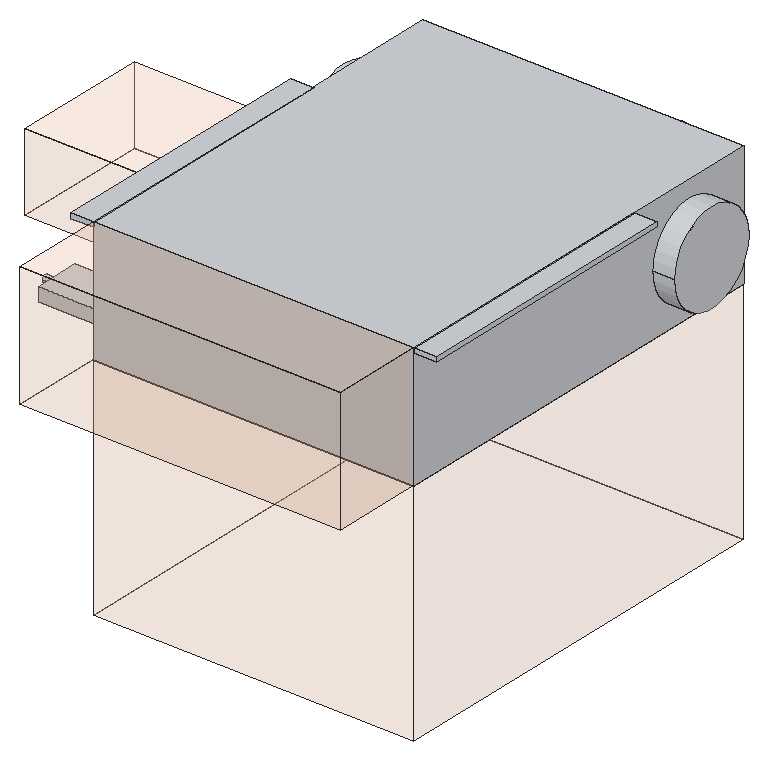
Revit family "Arup_UnitaryEquipment_FanCoilUnit2PipeCoolingHorizontalCeiling4Spigot", category Mechanical Equipment, Revit 2019
Family settings
  Round Connector Dimension = Use Diameter
  Part Type = Normal
  Work Plane-Based = No
  Always vertical = Yes
  Cut with Voids When Loaded = No
  Shared = No
  Room Calculation Point = Yes
Parameters (values of type "Generic")
  Water_Temperature_Leaving_Cooling = -273.15 °C
  Water_Temperature_Entering_Cooling = -273.15 °C
  Water_Pressure_Test_Cooling = 0.0 Pa
  Water_Pressure_Cooling_Maximum = 0.0 Pa
  Water_Pressure Drop_Cooling = 0.0 Pa
  Water_Flow Rate_Cooling [instance] = 0.0 L/s
  Water_Contents_Cooling = 0.0 L
  System_Function_Primary = "Ventilation"
  System_Function_Heating = no
  System_Function_Cooling = yes
  System_Connection_Ventilation = yes
  System_Connection_Process = no
  System_Connection_Power = yes
  System_Connection_Drainage = yes
  System_Connection_Domestic Water = no
  System_Connection_Data = no
  Performance_Speed = 0
  Performance_Efficiency = 0.00%
  Performance_Capacity_Cooling_Sensible = 0 W
  Performance_Capacity_Cooling = 0 W
  Performance_COP = 0
  Performance_Access_Left_Required = yes
  Performance_Access_Bottom_Required = yes
  Performance_Access_Back_Required = yes
  Model = ""
  Manufacturer = ""
  Identity_Type Mark = ""
  Identity_Reference [instance] = ""
  Identity_Level [instance] = ""
  Identity_ID_Equipment Served By [instance] = ""
  Identity_Copyright = "Arup"  # constant formula
  Identity_Classification_Uniclass 2015_Ss_Version [instance] = "26 April 2017 - v1.6"
  Identity_Classification_Uniclass 2015_Ss_Title [instance] = "Fan coil unit air conditioning systems"
  Identity_Classification_Uniclass 2015_Ss_Code [instance] = " Ss_65_80_05_30"
  Identity_Classification_Uniclass 2015_Ss [instance] = " Ss_65_80_05_30 : Fan coil unit air conditioning systems"
  Identity_Classification_Uniclass 2015_Pr_Version = "26 April 2017 - v1.6"
  Identity_Classification_Uniclass 2015_Pr_Title = "Fan coil units"
  Identity_Classification_Uniclass 2015_Pr_Code = "Pr_70_65_03_29"
  Identity_Classification_Uniclass 2015_Pr = "Pr_70_65_03_29 : Fan coil units"
  Identity_Classification_Uniclass 2015_Ef_Version = "25 January 2017 - v1.2"
  Identity_Classification_Uniclass 2015_Ef_Title = "Ventilation and air conditioning functions"
  Identity_Classification_Uniclass 2015_Ef_Code = "EF_65"
  Identity_Classification_Uniclass 2015_Ef = "EF_65 : Ventilation and air conditioning functions"
  Identity_Classification_Uniclass 1.4_L_Title = "Climate control plant and equipment (HVAC)"
  Identity_Classification_Uniclass 1.4_L_Code = "L75"
  Identity_Classification_Uniclass 1.4_L = "L75 : Climate control plant and equipment (HVAC)"
  Identity_Classification_SFG20_Title = ""
  Identity_Classification_SFG20_Code = ""
  Identity_Classification_SFG20 = ""
  Identity_Classification_NRM3_Title [instance] = ""
  Identity_Classification_NRM3_Code [instance] = ""
  Identity_Classification_NRM3 [instance] = ""
  Identity_Classification_NRM1_Title [instance] = ""
  Identity_Classification_NRM1_Code [instance] = ""
  Identity_Classification_NRM1 [instance] = ""
  Identity_Category = "FCU"
  IFCExportType = "AIRCONDITIONINGUNIT"
  IFCExportAs = "IfcUnitaryEquipmentType"
  General_Mass = 0.00 kg
  General_Location [instance] = ""
  Family_Modified_Date = "15/3/2018"
  Electrical_Voltage = 400 V
  Electrical_Specific Fan Power = 0
  Electrical_Power_Selection Method_Chosen = if(Electrical_Power_Selection Method = 1, "Full Load Power", if(Electrical_Power_Selection Method = 2, "Running Power", if(Electrical_Power_Selection Method = 3, "Rule of Thumb Power", "INVALID")))  # "INVALID"
  Electrical_Power_Selection Method = 0
  Electrical_Power_Running = 0 W
  Electrical_Power_Rule of Thumb = 0 W
  Electrical_Power_Rating = 0 W
  Electrical_Power_Load Classification = HVAC
  Electrical_Power_Full Load = 0 W
  Electrical_Power_Apparent = if(Electrical_Power = 9999999 VA, 9999999 VA, Electrical_Power / Electrical_Power Factor)  # 1052631577.9 VA
  Electrical_Power_Absorbed = 0 W
  Electrical_Power Factor = 0.95
  Electrical_Power = if(Electrical_Power_Selection Method = 1, Electrical_Power_Full Load, if(Electrical_Power_Selection Method = 2, Electrical_Power_Running, if(Electrical_Power_Selection Method = 3, Electrical_Power_Rule of Thumb, 999999999 W)))  # 999999999 W
  Electrical_Phases_Quantity = 0
  Electrical_Number of Poles = 3
  Electrical_Frequency = 50 Hz
  Electrical_Current_Selection Method_Chosen = if(Electrical_Current_Selection Method = 1, "Starting Current", if(Electrical_Current_Selection Method = 2, "Running Current", if(Electrical_Current_Selection Method = 3, "Current calculated from chosen power", "INVALID")))  # "INVALID"
  Electrical_Current_Selection Method = 0
  Electrical_Current_Rated_Starting = 0 A
  Electrical_Current_Rated_Running = 0 A
  Electrical_Current_Calculated = if(Electrical_Power = 999999999 W, 999999999 A, if(Electrical_Voltage = 230 V, Electrical_Power / (Electrical_Voltage * Electrical_Power Factor), if(Electrical_Voltage = 400 V, Electrical_Power / (Electrical_Voltage * Electrical_Power Factor * sqrt(3)), 999999999 A)))  # 999999999 A
  Electrical_Current = if(Electrical_Current_Selection Method = 1, Electrical_Current_Rated_Starting, if(Electrical_Current_Selection Method = 2, Electrical_Current_Rated_Running, if(Electrical_Current_Selection Method = 3, Electrical_Current_Calculated, 999999999 A)))  # 999999999 A
  Dimensions_Width_Nominal [instance] = 900 mm
  Dimensions_Width = 900 mm
  Dimensions_Length_Nominal [instance] = 700 mm
  Dimensions_Length_Fresh Air Offset_Height [instance] = Dimensions_Height / 2  # 135 mm
  Dimensions_Length_Fresh Air Offset_Length [instance] = Dimensions_Length / 2  # 350 mm
  Dimensions_Length = 700 mm
  Dimensions_Height_Nominal [instance] = 270 mm
  Dimensions_Height_Controller = Dimensions_Height - 100 mm  # 170 mm
  Dimensions_Height_Bottom = -Dimensions_Height / 2  # -135 mm
  Dimensions_Height = 270 mm
  Dimensions_Length_Fresh Air Offset_Depth [instance] = 200 mm
  Dimensions_Height_Controller_Bottom = Dimensions_Height_Bottom + 50 mm  # -85 mm
  Dimensions_Connection_Diameter_Pipe_Leaving_Cooling = 22 mm
  Dimensions_Connection_Diameter_Pipe_Entering_Cooling = 22 mm
  Dimensions_Connection_Diameter_Pipe_Discharge = 15 mm
  Dimensions_Connection_Diameter_Duct_Spigot = 200 mm
  Dimensions_Connection_Diameter_Duct [instance] = 200 mm
  Dimensions_Access_Length_Left = 250 mm
  Dimensions_Access_Height_Bottom = 500 mm
  Dimension_Length_Spacing_Spigot = Dimensions_Length / 5  # 140 mm
  Description = "Fan Coil Unit"
  Component_Fan_Type = ""
  Component_Connection_Discharge_Fan_Location = ""
  ClassificationCode(9) [instance] = ""
  ClassificationCode(8) [instance] = ""
  ClassificationCode(7) [instance] = ""
  ClassificationCode(6) [instance] = "[Uniclass 2015 Systems] Ss_65_80_05_30:Fan coil unit air conditioning systems"
  ClassificationCode(5) = ""
  ClassificationCode(4) = ""
  ClassificationCode(3) = "[Uniclass 1.4 Table L]L75:Climate control plant and equipment (HVAC)"
  ClassificationCode(2) = "[Uniclass 2015 Elements/Functions]EF_65:Ventilation and air conditioning functions"
  ClassificationCode(10) [instance] = ""
  ClassificationCode = "[Uniclass 2015 Products]Pr_70_65_03_29:Fan coil units"
  Automation_Tool Compatibility_SLAMheating = no
  Automation_Tool Compatibility_AMPS = yes
  Air_Temperature Wet Bulb_Leaving_Cooling = -273.15 °C
  Air_Temperature Wet Bulb_Entering_Cooling = -273.15 °C
  Air_Temperature Dry Bulb_Leaving_Cooling = -273.15 °C
  Air_Temperature Dry Bulb_Entering_Cooling = -273.15 °C
  Air_Pressure_External Static [instance] = 0.0 Pa
  Air_Flow Rate_Total [instance] = Air_Flow Rate_Spigot 1 + Air_Flow Rate_Spigot 2 + Air_Flow Rate_Spigot 3 + Air_Flow Rate_Spigot 4  # 0.0 L/s
  Air_Flow Rate_Spigot 4 [instance] = 0.0 L/s
  Air_Flow Rate_Spigot 3 [instance] = 0.0 L/s
  Air_Flow Rate_Spigot 2 [instance] = 0.0 L/s
  Air_Flow Rate_Spigot 1 [instance] = 0.0 L/s
  Air_Flow Rate_Recirculated_Percentage [instance] = if(Air_Flow Rate_Total = 0.0 L/s, 0, (Air_Flow Rate_Recirculated / Air_Flow Rate_Total))  # 0.00%
  Air_Flow Rate_Recirculated [instance] = Air_Flow Rate_Total - Air_Flow Rate_Fresh  # 0.0 L/s
  Air_Flow Rate_Fresh [instance] = 0.0 L/s
  Acoustics_SWL_Regenerated_@Face Velocity_8000 Hz = 0
  Acoustics_SWL_Regenerated_@Face Velocity_63 Hz = 0
  Acoustics_SWL_Regenerated_@Face Velocity_500 Hz = 0
  Acoustics_SWL_Regenerated_@Face Velocity_4000 Hz = 0
  Acoustics_SWL_Regenerated_@Face Velocity_250 Hz = 0
  Acoustics_SWL_Regenerated_@Face Velocity_2000 Hz = 0
  Acoustics_SWL_Regenerated_@Face Velocity_125 Hz = 0
  Acoustics_SWL_Regenerated_@Face Velocity_1000 Hz = 0
  Acoustics_SWL_Radiated_Maximum_8000 Hz = 0
  Acoustics_SWL_Radiated_Maximum_63 Hz = 0
  Acoustics_SWL_Radiated_Maximum_500 Hz = 0
  Acoustics_SWL_Radiated_Maximum_4000 Hz = 0
  Acoustics_SWL_Radiated_Maximum_250 Hz = 0
  Acoustics_SWL_Radiated_Maximum_2000 Hz = 0
  Acoustics_SWL_Radiated_Maximum_125 Hz = 0
  Acoustics_SWL_Radiated_Maximum_1000 Hz = 0
  Acoustics_SPL_Radiated_Reference Distance = 0 mm
  Acoustics_SPL_Radiated_Maximum_8000 Hz = 0
  Acoustics_SPL_Radiated_Maximum_63 Hz = 0
  Acoustics_SPL_Radiated_Maximum_500 Hz = 0
  Acoustics_SPL_Radiated_Maximum_4000 Hz = 0
  Acoustics_SPL_Radiated_Maximum_250 Hz = 0
  Acoustics_SPL_Radiated_Maximum_2000 Hz = 0
  Acoustics_SPL_Radiated_Maximum_125 Hz = 0
  Acoustics_SPL_Radiated_Maximum_1000 Hz = 0
  Acoustics_Noise Rating = ""
Reference planes
  plane 1 "Center (Front/Back)": y = 0
  plane 2 "Middle": z = 0
  plane 3 "Center (Left/Right)": x = 0
  plane 4 "Front": y = 450
  plane 5 "Right": x = 350
  plane 6 "Left": x = -350
  plane 7 "Bottom": z = -135
  plane 8 "Back": y = -450
  plane 9 "Top": z = 135
  plane 10 "FCU Spigot L/R": y = 300
  plane 11: z = -120
  plane 12: y = -300
  plane 13: z = -105
  plane 14 "Condensate Connection": x = -550
  plane 15 "FCU Spigot 2": x = -175
  plane 16: y = -650
  plane 17: x = -400
  plane 18: x = 400
  plane 19: y = 500
  plane 20: x = -575
  plane 21: y = -350
  plane 22: y = -250
  plane 23: y = -200
  plane 24: y = 100
  plane 25: y = 150
  plane 26: z = 125
  plane 27 "Controller Top": z = 85
  plane 28: z = 105
  plane 29 "Controller Bottom": z = -85
  plane 30: x = -450
  plane 31 "FCU Spigot 3": x = 175
Forms (mm)
  Extrusion 1, solid
    sketch origin (0, 0, 0) x (1, 0, 0) y (0, 1, 0)
      loop
        line (-350, 450) -> (-350, -450) -> (350, -450) -> (350, 450) -> (-350, 450)
    from -135 to 135
  Extrusion 2, solid
    sketch origin (0, 0, 135) x (-1, 0, 0) y (0, -1, 0)
      loop
        line (350, 450) -> (350, -150) -> (400, -150) -> (400, 450) -> (350, 450)
    from -10 to 0
  Extrusion 3, solid
    sketch origin (0, 0, 135) x (-1, 0, 0) y (0, -1, 0)
      loop
        line (-350, 450) -> (-400, 450) -> (-400, -150) -> (-350, -150) -> (-350, 450)
    from -10 to 0
  Extrusion 4, solid, not visible
    sketch origin (36.5, 35.626, 0) x (1, 0, 0) y (0, 1, 0)
      loop
        line (-528, -277.626) -> (-700, -277.626) -> (-700, -377.626) -> (-528, -377.626) -> (-528, -277.626)
    from -270 to -240
  Extrusion 5, solid, not visible
    sketch origin (-716.459, 79.941, 0) x (0, 1, 0) y (0, 0, 1)
      loop
        circle (-371.941, -255) r 11
    from 15.959 to 52.959
  Extrusion 6, solid, not visible
    sketch origin (-491.5, -441, 47.705) x (0, 1, 0) y (0, 0, -1)
      loop
        line (539, 67.705) -> (539, 287.705) -> (261, 287.705) -> (261, 67.705) -> (539, 67.705)
    from 87 to 0
  Extrusion 7, solid, not visible
    sketch origin (-36.127, -730.391, 0) x (-1, 0, 0) y (0, -1, 0)
      loop
        line (-528, -477.626) -> (-528, -377.626) -> (-700, -377.626) -> (-700, -477.626) -> (-528, -477.626)
    from -270 to -240
  Extrusion 8, solid, not visible
    sketch origin (716.832, -774.705, 0) x (0, -1, 0) y (0, 0, 1)
      loop
        circle (-471.941, -255) r 11
    from 15.959 to 52.959
  Extrusion 9, solid, not visible
    sketch origin (491.873, -253.765, 47.705) x (0, -1, 0) y (0, 0, -1)
      loop
        line (-341, 67.705) -> (-63, 67.705) -> (-63, 287.705) -> (-341, 287.705) -> (-341, 67.705)
    from 87 to 0
  Extrusion 10, solid
    sketch origin (0, 0, -135) x (-1, 0, 0) y (0, -1, 0)
      loop
        line (350, 250) -> (550, 250) -> (550, 350) -> (350, 350) -> (350, 250)
    from 0 to 30
  Extrusion 11, solid
    sketch origin (-350, 0, 0) x (0, 1, 0) y (0, 0, 1)
      loop
        line (100, 85) -> (-200, 85) -> (-200, -85) -> (100, -85) -> (100, 85)
    from -100 to 0
  Extrusion 12, solid
    sketch origin (-350, -450, 0) x (0, 1, 0) y (0, 0, -1)
      loop
        circle (175, 62) r 11
      loop
        circle (175, 22) r 11
    from 50 to 0
  Extrusion 13, solid
    sketch origin (-350, 0, 0) x (0, 1, 0) y (0, 0, 1)
      loop
        circle (300, 0) r 100
    from 0 to -50
  Extrusion 14, solid
    sketch origin (350, 0, 0) x (0, 1, 0) y (0, 0, 1)
      loop
        circle (300, 0) r 100
    from 0 to 50
  Extrusion 15, solid
    sketch origin (-550, 0, 0) x (0, 1, 0) y (0, 0, 1)
      loop
        circle (-300, -120) r 7.5
    from 0 to -25
  Extrusion 16, solid
    sketch origin (0, 450, 0) x (-1, 0, 0) y (0, 0, 1)
      loop
        circle (-175, 0) r 100
    from 0 to 50
  Extrusion 17, solid
    sketch origin (-420, 450, 0) x (-1, 0, 0) y (0, 0, 1)
      loop
        circle (-245, 0) r 100
    from 0 to 50
  Extrusion 18, void
    sketch origin (0, -450, 0) x (-1, 0, 0) y (0, 0, 1)
      loop
        circle (0, 0) r 100
    from -200 to 0
Dimensions and locks
  "Dimensions_Length": plane 6 "Left" to plane 5 "Right"
  equal spacing: Extrusion 4, Extrusion 5 sketch curve, Extrusion 4
  equal spacing: Extrusion 7, Extrusion 8 sketch curve, Extrusion 7
  equal spacing: plane 4 "Front", plane 1 "Center (Front/Back)", plane 8 "Back"
  "Dimensions_Width": plane 4 "Front" to plane 8 "Back"
  equal spacing: plane 9 "Top", plane 2 "Middle", plane 7 "Bottom"
  "Dimensions_Height": plane 9 "Top" to plane 7 "Bottom"
  equal spacing: plane 13, plane 11, plane 7 "Bottom"
  locked: plane 13 to plane 7 "Bottom" at 30
  locked: plane 14 "Condensate Connection" to plane 6 "Left" at 200
  "Dimensions_Length_Fresh Air Offset_Depth": plane 8 "Back" to plane 16
  locked: plane 17 to plane 6 "Left" at 50
  locked: plane 5 "Right" to plane 18 at 50
  locked: plane 19 to plane 4 "Front" at 50
  locked: plane 20 to plane 14 "Condensate Connection" at 25
  locked: plane 21 to plane 8 "Back" at 100
  locked: plane 22 to plane 21 at 100
  "Dimensions_Length_Nominal": plane 6 "Left" to plane 5 "Right"
  "Dimensions_Height_Nominal": plane 9 "Top" to plane 7 "Bottom"
  locked: plane 23 to plane 22 at 50
  locked: plane 10 "FCU Spigot L/R" to plane 4 "Front" at 150
  locked: plane 25 to plane 10 "FCU Spigot L/R" at 150
  "Dimensions_Width_Nominal": plane 4 "Front" to plane 8 "Back"
  locked: plane 9 "Top" to plane 26 at 10
  locked: plane 9 "Top" to plane 28 at 30
  locked: plane 9 "Top" to plane 27 "Controller Top" at 50
  locked: plane 29 "Controller Bottom" to plane 7 "Bottom" at 50
  locked: plane 30 to plane 6 "Left" at 100
  "Dimensions_Length_Fresh Air Offset_Length": plane 5 "Right" to Extrusion 18 sketch curve
  "Dimensions_Length_Fresh Air Offset_Height": plane 7 "Bottom" to Extrusion 18 sketch curve
  locked: plane 4 "Front" to plane 24 at 350
  equal spacing: plane 6 "Left", plane 15 "FCU Spigot 2", plane 3 "Center (Left/Right)", plane 31 "FCU Spigot 3", plane 5 "Right"
  equal spacing: plane 22, plane 12, plane 21
  equal spacing: plane 22, Extrusion 12 sketch curve, plane 12  (x2)
  "Dimensions_Connection_Diameter_Duct_Spigot": diameter of Extrusion 17 sketch curve
  "Dimensions_Connection_Diameter_Duct_Spigot": diameter of Extrusion 16 sketch curve
  "Dimensions_Connection_Diameter_Duct_Spigot": diameter of Extrusion 13 sketch curve
  "Dimensions_Connection_Diameter_Duct_Spigot": diameter of Extrusion 14 sketch curve
  "Dimensions_Connection_Diameter_Pipe_Entering_Cooling": diameter of Extrusion 12 sketch curve
  "Dimensions_Connection_Diameter_Pipe_Leaving_Cooling": diameter of Extrusion 12 sketch curve
  "Dimensions_Connection_Diameter_Pipe_Discharge": diameter of Extrusion 15 sketch curve
  "Dimensions_Connection_Diameter_Duct": diameter of Extrusion 18 sketch curve
  aligned and locked: level to plane 2 "Middle"
  aligned and locked: Extrusion 2 to Extrusion 10
  aligned and locked: plane 8 "Back" to Extrusion 1 sketch curve
  aligned and locked: Extrusion 1 sketch curve to plane 4 "Front"
  aligned and locked: Extrusion 10 to plane 14 "Condensate Connection"
  aligned and locked: plane 6 "Left" to Extrusion 2
  aligned and locked: Extrusion 2 to Extrusion 12
  aligned and locked: Extrusion 2 to Extrusion 3
  aligned and locked: Extrusion 2 to plane 8 "Back"
  aligned and locked: Extrusion 14 to plane 5 "Right"
  aligned and locked: Extrusion 3 to Extrusion 14
  aligned and locked: plane 19 to Extrusion 16
  aligned and locked: Extrusion 16 to plane 4 "Front"
  aligned and locked: Extrusion 15 to Extrusion 10
  aligned and locked: Extrusion 15 to plane 20
  aligned and locked: Extrusion 10 to plane 21
  aligned and locked: plane 22 to Extrusion 10
  aligned and locked: Extrusion 2 to plane 25
  aligned and locked: Extrusion 3 to Extrusion 2
  aligned and locked: Extrusion 3 to Extrusion 1
  aligned and locked: Extrusion 1 to Extrusion 2
  aligned and locked: Extrusion 3 to plane 26
  aligned and locked: Extrusion 2 to plane 26
  aligned and locked: Extrusion 11 to plane 29 "Controller Bottom"
  aligned and locked: Extrusion 11 to plane 30
  aligned and locked: Extrusion 12 to Extrusion 1
  aligned and locked: Extrusion 12 to plane 17
  aligned and locked: Extrusion 18 to Extrusion 1
  aligned and locked: Extrusion 18 to plane 16
  aligned and locked: plane 9 "Top" to Extrusion 1
  aligned and locked: plane 13 to Extrusion 10
  aligned and locked: Extrusion 10 to plane 7 "Bottom"
  aligned and locked: Extrusion 10 to Extrusion 1
  aligned and locked: Extrusion 11 to plane 24
  aligned and locked: plane 23 to Extrusion 11
  aligned and locked: level to Extrusion 16 sketch curve
  aligned and locked: plane 31 "FCU Spigot 3" to Extrusion 16 sketch curve
  aligned and locked: plane 15 "FCU Spigot 2" to Extrusion 17 sketch curve
  aligned and locked: plane 2 "Middle" to Extrusion 17 sketch curve
  aligned and locked: plane 10 "FCU Spigot L/R" to Extrusion 13 sketch curve
  aligned and locked: plane 2 "Middle" to Extrusion 13 sketch curve
  aligned and locked: plane 10 "FCU Spigot L/R" to Extrusion 14 sketch curve
  aligned and locked: plane 2 "Middle" to Extrusion 14 sketch curve
  aligned and locked: nested 1 to plane 1 "Center (Front/Back)"
  aligned and locked: nested 1 to plane 3 "Center (Left/Right)"
  aligned and locked: plane 30 to nested 2
  aligned and locked: nested 2 to plane 23
  aligned and locked: nested 2 to plane 24
  aligned and locked: plane 8 "Back" to nested 3
  aligned and locked: nested 3 to plane 3 "Center (Left/Right)"
Automatic sketch dimensions
  Extrusion 4 sketch curve to Extrusion 4 sketch curve = 100 mm
  Extrusion 6 sketch curve to Extrusion 6 sketch curve = 278 mm
  Extrusion 4 sketch curve to Extrusion 4 sketch curve = 172 mm
  Extrusion 6 sketch curve to Extrusion 6 sketch curve = 220 mm
  Extrusion 7 sketch curve to Extrusion 7 sketch curve = 172 mm
  Extrusion 9 sketch curve to Extrusion 9 sketch curve = 278 mm
  Extrusion 9 sketch curve to Extrusion 9 sketch curve = 220 mm
  Extrusion 7 sketch curve to Extrusion 7 sketch curve = 100 mm
  Extrusion 1 sketch curve to plane 6 "Left" = 0 mm
  Extrusion 1 sketch curve to plane 5 "Right" = 0 mm
  Extrusion 2 sketch curve to plane 6 "Left" = 0 mm
  Extrusion 2 sketch curve to plane 8 "Back" = 0 mm
  plane 17 to Extrusion 2 sketch curve = 0 mm
  Extrusion 2 sketch curve to plane 1 "Center (Front/Back)" = 150 mm
  Extrusion 3 sketch curve to plane 8 "Back" = 0 mm
  Extrusion 3 sketch curve to plane 18 = 0 mm
  Extrusion 3 sketch curve to plane 5 "Right" = 0 mm
  Extrusion 3 sketch curve to plane 1 "Center (Front/Back)" = 150 mm
  Extrusion 10 sketch curve to plane 6 "Left" = 0 mm
  Extrusion 10 sketch curve to plane 14 "Condensate Connection" = 0 mm
  Extrusion 10 sketch curve to plane 22 = 0 mm
  Extrusion 10 sketch curve to plane 21 = 0 mm
  plane 22 to Extrusion 11 sketch curve = 50 mm
  Extrusion 11 sketch curve to plane 1 "Center (Front/Back)" = 100 mm
  Extrusion 11 sketch curve to plane 29 "Controller Bottom" = 0 mm
  Extrusion 11 sketch curve to plane 27 "Controller Top" = 0 mm
  Extrusion 1 to Extrusion 12 sketch curve = 113 mm
  Extrusion 12 sketch curve to Extrusion 12 sketch curve = 40 mm
  Extrusion 15 sketch curve to plane 11 = 0 mm
  Extrusion 15 sketch curve to plane 12 = 0 mm
  radius of Extrusion 5 sketch curve = 11 mm
  radius of Extrusion 8 sketch curve = 11 mm
Nested families
  nested 1: "Access Zone_Bottom" at (350, 0, -135) x (0, 1, 0) z (0, 0, 1), Width <- "Dimensions_Width", Length <- "Dimensions_Length", built-in parameter 1001364 <- "Dimensions_Height_Bottom", Depth <- "Dimensions_Access_Height_Bottom", visible <- "Performance_Access_Bottom_Required", type "Access Zone_Bottom"
    with Width 900 mm, Length 700 mm, Identity_Category "", Depth 500 mm
  nested 2: "Access Zone_Left" at (-450, -150, -85), built-in parameter 1001364 <- "Dimensions_Height_Controller_Bottom", Length <- "Dimensions_Access_Length_Left", visible <- "Performance_Access_Left_Required", Height <- "Dimensions_Height_Controller", type "Access Zone_Left"
    with Width 300 mm, Length 250 mm, Identity_Discipline "", Identity_Category "", Height 170 mm
  nested 3: "Access Zone_Back" at (0, -450, -135) x (-1, 0, 0) z (0, 0, 1), Width <- "Dimensions_Length", Length <- "Dimensions_Length_Fresh Air Offset_Depth", Height <- "Dimensions_Height", built-in parameter 1001364 <- "Dimensions_Height_Bottom", visible <- "Performance_Access_Back_Required", type "Access Zone_Back"
    with Width 700 mm, Length 200 mm, Identity_Category "", Height 270 mm
Connectors
  piping at (-400, -275, -62), diameter 22, driven by "Water_Flow Rate_Cooling", driven by "Dimensions_Connection_Diameter_Pipe_Entering_Cooling"
    settings: on Extrusion 12, index 8, connector inside diameter 15 mm, connector length 0 mm, flow factor 0, pipe flow 0.0 L/s, pressure drop 0.0 Pa, fitting loss kfactor 0, connector angle 0.00°, fixture units 0, engagement length 0 mm, angle of deflection 0.00°, flow configuration 1, flow direction 1, fitting loss method 4, system type 7, joint type 0, gender type 0, connector reference index -1, connector utility 0, adjustable connector no, is connector primary yes, connector description "CHW-F Connector"
  piping at (-400, -275, -22), diameter 22, driven by "Water_Flow Rate_Cooling", driven by "Dimensions_Connection_Diameter_Pipe_Leaving_Cooling"
    settings: on Extrusion 12, index 11, connector inside diameter 15 mm, connector length 0 mm, flow factor 0, pipe flow 0.0 L/s, pressure drop 0.0 Pa, fitting loss kfactor 0, connector angle 0.00°, fixture units 0, engagement length 0 mm, angle of deflection 0.00°, flow configuration 1, flow direction 2, fitting loss method 4, system type 8, joint type 0, gender type 0, connector reference index -1, connector utility 0, adjustable connector no, is connector primary no, connector description "CHW-R Connector"
  piping at (-575, -300, -120), diameter 15, driven by "Dimensions_Connection_Diameter_Pipe_Discharge"
    settings: on Extrusion 15, index 14, connector inside diameter 22 mm, connector length 0 mm, flow factor 0, pipe flow 0.0 L/s, pressure drop 0.0 Pa, fitting loss kfactor 0, connector angle 0.00°, fixture units 0, engagement length 0 mm, angle of deflection 0.00°, flow configuration 1, flow direction 2, fitting loss method 4, system type 16, joint type 0, gender type 0, connector reference index -1, connector utility 0, adjustable connector yes, is connector primary no, connector description ""
  electrical at (-450, -50, 0), driven by "Electrical_Number of Poles", driven by "Electrical_Voltage", driven by "Electrical_Power Factor", driven by "Electrical_Power_Apparent"
    settings: on Extrusion 11, index 19, voltage 400 V, apparent load 45 VA, apparent load phase1 1052631577.9 VA, apparent load phase2 0 VA, apparent load phase3 0 VA, power factor 0.95, load classification "HVAC", number of poles 3, system type 31, power factor state 1, is connector primary yes, connector utility no, sub classification motor no, connector description ""
  hvac at (-400, 300, 0), driven by "Dimensions_Connection_Diameter_Duct_Spigot", driven by "Air_Flow Rate_Spigot 1"
    settings: on Extrusion 13, index 20, duct flow 0.0 L/s, flow factor 0, pres drop 0.0 Pa, loss coef 0, conn angle 0.00°, conn width 304.8 mm, conn height 304.8 mm, conn diameter 200 mm, duct sys type 1, conn prof type 0, flow config 0, flow direction 2, loss method 4, conn ref index -1, conn util no, is conn primary yes, conn desc "FCU Spigot 1"
  hvac at (-175, 500, 0), driven by "Dimensions_Connection_Diameter_Duct_Spigot", driven by "Air_Flow Rate_Spigot 2"
    settings: on Extrusion 17, index 22, duct flow 0.0 L/s, flow factor 0, pres drop 0.0 Pa, loss coef 0, conn angle 0.00°, conn width 304.8 mm, conn height 304.8 mm, conn diameter 200 mm, duct sys type 1, conn prof type 0, flow config 0, flow direction 2, loss method 4, conn ref index -1, conn util no, is conn primary no, conn desc "FCU Spigot 2"
  hvac at (175, 500, 0), driven by "Dimensions_Connection_Diameter_Duct_Spigot", driven by "Air_Flow Rate_Spigot 3"
    settings: on Extrusion 16, index 23, duct flow 0.0 L/s, flow factor 0, pres drop 0.0 Pa, loss coef 0, conn angle 0.00°, conn width 304.8 mm, conn height 304.8 mm, conn diameter 200 mm, duct sys type 1, conn prof type 0, flow config 0, flow direction 2, loss method 4, conn ref index -1, conn util no, is conn primary no, conn desc "FCU Spigot 3"
  hvac at (400, 300, 0), driven by "Dimensions_Connection_Diameter_Duct_Spigot", driven by "Air_Flow Rate_Spigot 4"
    settings: on Extrusion 14, index 26, duct flow 0.0 L/s, flow factor 0, pres drop 0.0 Pa, loss coef 0, conn angle 0.00°, conn width 304.8 mm, conn height 304.8 mm, conn diameter 200 mm, duct sys type 1, conn prof type 0, flow config 0, flow direction 2, loss method 4, conn ref index -1, conn util no, is conn primary no, conn desc "FCU Spigot 4"
  hvac at (0, -650, 0), driven by "Air_Flow Rate_Fresh", driven by "Dimensions_Connection_Diameter_Duct"
    settings: on Extrusion 18, index 27, duct flow 0.0 L/s, flow factor 0, pres drop 0.0 Pa, loss coef 0, conn angle 0.00°, conn width 304.8 mm, conn height 304.8 mm, conn diameter 200 mm, duct sys type 1, conn prof type 0, flow config 1, flow direction 1, loss method 4, conn ref index -1, conn util no, is conn primary no, conn desc ""
Definition of nested family "Access Zone_Bottom"
  Parameters
    Width [instance] = 1000 mm
    Length [instance] = 1000 mm
    Identity_Discipline [instance] = ""
    Identity_Category [instance] = ""
    Depth [instance] = 1000 mm
  Reference planes
    plane 1 "Center (Front/Back)": y = 0
    plane 2: z = 0
    plane 3 "Center (Left/Right)": x = 0
    plane 4: y = 1000
    plane 5: x = 500
    plane 6: x = -500
    plane 7: z = -1000
    plane 8: y = 500
  Forms (mm)
    Extrusion 1, solid
      sketch origin (6428.401, 4482.456, 0) x (1, 0, 0) y (0, 1, 0)
        loop
          line (-6928.401, -3482.456) -> (-6928.401, -4482.456) -> (-5928.401, -4482.456) -> (-5928.401, -3482.456) -> (-6928.401, -3482.456)
      from -2.099 to -1000
  Dimensions and locks
    "Width": plane 6 to plane 5
    equal spacing: plane 6, plane 3 "Center (Left/Right)", plane 5
    "Length": plane 1 "Center (Front/Back)" to plane 4
    "Depth": plane 2 to plane 7
    equal spacing: plane 1 "Center (Front/Back)", plane 8, plane 4
    aligned and locked: plane 1 "Center (Front/Back)" to Extrusion 1
    aligned and locked: plane 6 to Extrusion 1
    aligned and locked: Extrusion 1 to plane 4
    aligned and locked: plane 5 to Extrusion 1
    aligned and locked: Extrusion 1 to plane 7
    aligned and locked: plane 1 "Center (Front/Back)" to nested 1
    aligned and locked: plane 4 to nested 1
    aligned and locked: plane 2 to nested 1
    aligned and locked: nested 1 to plane 7
    aligned and locked: plane 6 to nested 2
    aligned and locked: plane 2 to nested 2
    aligned and locked: nested 2 to plane 7
    aligned and locked: nested 2 to plane 5
  Automatic sketch dimensions
    Extrusion 1 sketch curve to plane 5 = 1000 mm
    Extrusion 1 sketch curve to Extrusion 1 sketch curve = 1000 mm  (x2)
    plane 4 to Extrusion 1 sketch curve = 1000 mm
  Nested families
    nested 1: "Access_Zone_Detail" at (0, 500, 0) x (0, -1, 0) z (1, 0, 0), type "Access Zone 2D"
      with Width 1000 mm, Length 1000 mm
    nested 2: "Access_Zone_Detail" at (0, 0, 0) x (-1, 0, 0) z (0, -1, 0), type "Access Zone 2D"
      with Width 1000 mm, Length 1000 mm
  Definition of nested family "Access_Zone_Detail"
    Parameters
      Width [instance] = 300 mm
      Length [instance] = 500 mm
    Reference planes
      plane 1 "Break Line": y = 0
      plane 2: z = 0
      plane 3 "Center (Left/Right)": x = 0
      plane 4: x = -250
      plane 5: x = 250
      plane 6: y = 300
    Lines and regions (mm)
      Filled region 1, type "Mask", in view "Ground floor"
        outline origin (0, 0, 0) x (1, 0, 0) y (0, 1, 0)
          loop
            line (-250, 0) -> (250, 0) -> (250, 300) -> (-250, 300) -> (-250, 0)
      Filled region 2, type "Access Zone", in view "Ground floor"
        outline origin (0, 0, 0) x (1, 0, 0) y (0, 1, 0)
          loop
            line (-250, 0) -> (250, 0) -> (250, 300) -> (-250, 300) -> (-250, 0)
    Dimensions and locks
      equal spacing: plane 4, plane 3 "Center (Left/Right)", plane 5
      "Length": plane 4 to plane 5
      "Width": plane 1 "Break Line" to plane 6
      aligned and locked: Filled region 1 to plane 4
      aligned and locked: Filled region 1 to plane 6
      aligned and locked: plane 5 to Filled region 1
      aligned and locked: plane 1 "Break Line" to Filled region 1
      aligned and locked: Filled region 2 to plane 6
      aligned and locked: plane 5 to Filled region 2
      aligned and locked: Filled region 2 to plane 4
      aligned and locked: plane 1 "Break Line" to Filled region 2
    Automatic sketch dimensions
      Filled region 1 sketch curve to plane 5 = 0 mm
      Filled region 1 sketch curve to plane 1 "Break Line" = 0 mm
      plane 6 to Filled region 1 sketch curve = 0 mm
      plane 4 to Filled region 1 sketch curve = 0 mm
      plane 4 to Filled region 2 sketch curve = 0 mm
      Filled region 2 sketch curve to plane 5 = 0 mm
      Filled region 2 sketch curve to plane 1 "Break Line" = 0 mm
      plane 6 to Filled region 2 sketch curve = 0 mm
Definition of nested family "Access Zone_Left"
  Parameters
    Width [instance] = 1000 mm
    Length [instance] = 1000 mm
    Identity_Discipline [instance] = ""
    Identity_Category [instance] = ""
    Height [instance] = 1000 mm
  Reference planes
    plane 1 "Center (Front/Back)": y = 100
    plane 2: z = 0
    plane 3 "Center (Left/Right)": x = 0
    plane 4: y = 600
    plane 5: x = -1000
    plane 6: z = 1000
    plane 7: y = -400
  Forms (mm)
    Extrusion 1, solid
      sketch origin (3176.067, 276.527, 0) x (1, 0, 0) y (0, 1, 0)
        loop
          line (-4176.067, 323.473) -> (-4176.067, -676.527) -> (-3176.067, -676.527) -> (-3176.067, 323.473) -> (-4176.067, 323.473)
      from 0 to 1000
  Dimensions and locks
    "Height": plane 6 to level
    equal spacing: plane 7, plane 1 "Center (Front/Back)", plane 4
    "Width": plane 7 to plane 4
    "Length": plane 5 to plane 3 "Center (Left/Right)"
    aligned and locked: nested 1 to plane 5
    aligned and locked: plane 3 "Center (Left/Right)" to nested 1
    aligned and locked: nested 1 to plane 7
    aligned and locked: nested 1 to plane 4
    aligned and locked: plane 5 to Extrusion 1
    aligned and locked: Extrusion 1 to plane 4
    aligned and locked: plane 3 "Center (Left/Right)" to Extrusion 1
    aligned and locked: plane 7 to Extrusion 1
    aligned and locked: Extrusion 1 to plane 6
    aligned and locked: plane 3 "Center (Left/Right)" to nested 2
    aligned and locked: nested 2 to plane 6
    aligned and locked: nested 2 to plane 5
    aligned and locked: plane 2 to nested 2
  Automatic sketch dimensions
    Extrusion 1 sketch curve to plane 3 "Center (Left/Right)" = 1000 mm
    plane 3 "Center (Left/Right)" to Extrusion 1 sketch curve = 0 mm
    plane 4 to Extrusion 1 sketch curve = 1000 mm
    Extrusion 1 sketch curve to Extrusion 1 sketch curve = 1000 mm
  Nested families
    nested 1: "Access_Zone_Detail" at (0, 100, 0) x (0, 1, 0) z (0, 0, 1), type "Access Zone 2D"
      with Width 1000 mm, Length 1000 mm
    nested 2: "Access_Zone_Detail" at (0, 100, 500) x (0, 0, 1) z (0, -1, 0), type "Access Zone 2D"
      with Width 1000 mm, Length 1000 mm
  Definition of nested family "Access_Zone_Detail"
    Parameters
      Width [instance] = 300 mm
      Length [instance] = 500 mm
    Reference planes
      plane 1 "Break Line": y = 0
      plane 2: z = 0
      plane 3 "Center (Left/Right)": x = 0
      plane 4: x = -250
      plane 5: x = 250
      plane 6: y = 300
    Lines and regions (mm)
      Filled region 1, type "Mask", in view "Ground floor"
        outline origin (0, 0, 0) x (1, 0, 0) y (0, 1, 0)
          loop
            line (-250, 0) -> (250, 0) -> (250, 300) -> (-250, 300) -> (-250, 0)
      Filled region 2, type "Access Zone", in view "Ground floor"
        outline origin (0, 0, 0) x (1, 0, 0) y (0, 1, 0)
          loop
            line (-250, 0) -> (250, 0) -> (250, 300) -> (-250, 300) -> (-250, 0)
    Dimensions and locks
      equal spacing: plane 4, plane 3 "Center (Left/Right)", plane 5
      "Length": plane 4 to plane 5
      "Width": plane 1 "Break Line" to plane 6
      aligned and locked: Filled region 1 to plane 4
      aligned and locked: Filled region 1 to plane 6
      aligned and locked: plane 5 to Filled region 1
      aligned and locked: plane 1 "Break Line" to Filled region 1
      aligned and locked: Filled region 2 to plane 6
      aligned and locked: plane 5 to Filled region 2
      aligned and locked: Filled region 2 to plane 4
      aligned and locked: plane 1 "Break Line" to Filled region 2
    Automatic sketch dimensions
      Filled region 1 sketch curve to plane 5 = 0 mm
      Filled region 1 sketch curve to plane 1 "Break Line" = 0 mm
      plane 6 to Filled region 1 sketch curve = 0 mm
      plane 4 to Filled region 1 sketch curve = 0 mm
      plane 4 to Filled region 2 sketch curve = 0 mm
      Filled region 2 sketch curve to plane 5 = 0 mm
      Filled region 2 sketch curve to plane 1 "Break Line" = 0 mm
      plane 6 to Filled region 2 sketch curve = 0 mm
Definition of nested family "Access Zone_Back"
  Parameters
    Width [instance] = 1000 mm
    Length [instance] = 1000 mm
    Identity_Discipline [instance] = ""
    Identity_Category [instance] = ""
    Height [instance] = 1000 mm
  Reference planes
    plane 1 "Center (Front/Back)": y = 0
    plane 2: z = 0
    plane 3 "Center (Left/Right)": x = 0
    plane 4 "Back zone": y = 1000
    plane 5: x = 500
    plane 6: x = -500
    plane 7: z = 1000
    plane 8: z = 500
  Forms (mm)
    Extrusion 1, solid
      sketch origin (6117.403, 7022.828, 0) x (1, 0, 0) y (0, 1, 0)
        loop
          line (-6617.403, -6022.828) -> (-6617.403, -7022.828) -> (-5617.403, -7022.828) -> (-5617.403, -6022.828) -> (-6617.403, -6022.828)
      from 0 to 1000
  Dimensions and locks
    "Width": plane 6 to plane 5
    equal spacing: plane 6, plane 3 "Center (Left/Right)", plane 5
    "Height": plane 7 to level
    "Length": plane 1 "Center (Front/Back)" to plane 4 "Back zone"
    equal spacing: plane 2, plane 8, plane 7
    aligned and locked: plane 4 "Back zone" to nested 1
    aligned and locked: plane 5 to nested 1
    aligned and locked: nested 1 to plane 6
    aligned and locked: plane 1 "Center (Front/Back)" to nested 1
    aligned and locked: plane 4 "Back zone" to nested 2
    aligned and locked: nested 2 to plane 2
    aligned and locked: plane 7 to nested 2
    aligned and locked: plane 1 "Center (Front/Back)" to nested 2
    aligned and locked: plane 1 "Center (Front/Back)" to Extrusion 1
    aligned and locked: plane 6 to Extrusion 1
    aligned and locked: plane 5 to Extrusion 1
    aligned and locked: Extrusion 1 to plane 4 "Back zone"
    aligned and locked: Extrusion 1 to plane 7
  Automatic sketch dimensions
    plane 6 to Extrusion 1 sketch curve = 0 mm
    Extrusion 1 sketch curve to plane 5 = 0 mm
    plane 4 "Back zone" to Extrusion 1 sketch curve = 1000 mm
    Extrusion 1 sketch curve to Extrusion 1 sketch curve = 1000 mm
  Nested families
    nested 1: "Access_Zone_Detail" at (0, 0, 0), type "Access Zone 2D"
      with Width 1000 mm, Length 1000 mm
    nested 2: "Access_Zone_Detail" at (0, 0, 500) x (0, 0, -1) z (1, 0, 0), type "Access Zone 2D"
      with Width 1000 mm, Length 1000 mm
  Definition of nested family "Access_Zone_Detail"
    Parameters
      Width [instance] = 300 mm
      Length [instance] = 500 mm
    Reference planes
      plane 1 "Break Line": y = 0
      plane 2: z = 0
      plane 3 "Center (Left/Right)": x = 0
      plane 4: x = -250
      plane 5: x = 250
      plane 6: y = 300
    Lines and regions (mm)
      Filled region 1, type "Mask", in view "Ground floor"
        outline origin (0, 0, 0) x (1, 0, 0) y (0, 1, 0)
          loop
            line (-250, 0) -> (250, 0) -> (250, 300) -> (-250, 300) -> (-250, 0)
      Filled region 2, type "Access Zone", in view "Ground floor"
        outline origin (0, 0, 0) x (1, 0, 0) y (0, 1, 0)
          loop
            line (-250, 0) -> (250, 0) -> (250, 300) -> (-250, 300) -> (-250, 0)
    Dimensions and locks
      equal spacing: plane 4, plane 3 "Center (Left/Right)", plane 5
      "Length": plane 4 to plane 5
      "Width": plane 1 "Break Line" to plane 6
      aligned and locked: Filled region 1 to plane 4
      aligned and locked: Filled region 1 to plane 6
      aligned and locked: plane 5 to Filled region 1
      aligned and locked: plane 1 "Break Line" to Filled region 1
      aligned and locked: Filled region 2 to plane 6
      aligned and locked: plane 5 to Filled region 2
      aligned and locked: Filled region 2 to plane 4
      aligned and locked: plane 1 "Break Line" to Filled region 2
    Automatic sketch dimensions
      Filled region 1 sketch curve to plane 5 = 0 mm
      Filled region 1 sketch curve to plane 1 "Break Line" = 0 mm
      plane 6 to Filled region 1 sketch curve = 0 mm
      plane 4 to Filled region 1 sketch curve = 0 mm
      plane 4 to Filled region 2 sketch curve = 0 mm
      Filled region 2 sketch curve to plane 5 = 0 mm
      Filled region 2 sketch curve to plane 1 "Break Line" = 0 mm
      plane 6 to Filled region 2 sketch curve = 0 mm
